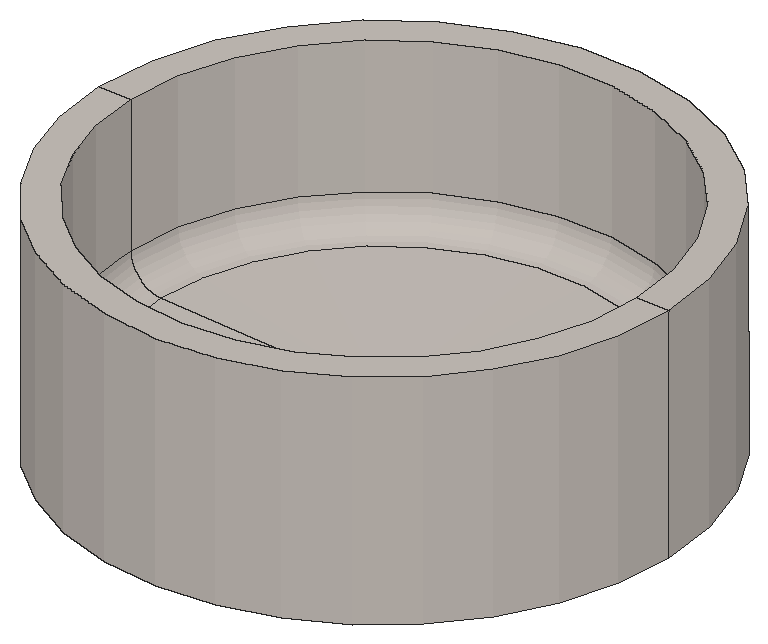
Revit family "ALMA-TEZPNK01-Nevali_Terrazzo_Basin", category Generic Models, host Face, Revit 2026
Family settings
  Host = Face
  Can host rebar = No
  Round Connector Dimension = Use Diameter
  Part Type = Normal
  Cut with Voids When Loaded = No
  Maintain Annotation Orientation = No
  Shared = No
  Room Calculation Point = No
Parameters
  Width = 360 mm
  Height = 140 mm
  Default Elevation = 1219.2 mm
  Basin_Material = BM_NEVALI TERRAZZO
Reference planes
  plane 1 "Center (Front/Back)": y = 0
  plane 2: z = 0
  plane 3 "Center (Left/Right)": x = 0
  plane 4: x = 180
  plane 5: x = -180
  plane 6: x = 160
  plane 7: x = -160
  plane 8: y = 180
  plane 9: y = -180
  plane 10: y = 160
  plane 11: y = -160
  plane 12: x = -35
  plane 13: x = 35
  plane 14: x = 22.5
  plane 15: x = -22.5
  plane 16: z = 140
  plane 17: y = 35
  plane 18: y = 22.5
  plane 19: y = -22.5
  plane 20: y = -35
Forms (mm)
  Revolve 1, solid, material "BM_NEVALI TERRAZZO" <- "Basin_Material"
    sketch origin (0, 0, 0) x (1, 0, 0) y (0, 0, 1)
      loop
        line (-180, 0) -> (-22.5, 0) -> (-22.5, 10)
        arc (-22.5, 10) -> (-30.018, 14.935) -> (-33.805, 23.092) r 16.408
        line (-33.805, 23.092) -> (-35, 30.635) -> (-140.698, 34.326)
        arc (-140.698, 34.326) -> (-154.387, 40.421) -> (-160, 54.314) r 20
        line (-160, 54.314) -> (-160, 140) -> (-180, 140) -> (-180, 0)
      axis (0, 0) -> (0, 140)
    angle from 0 to 360
Text (mm)
  text "Refer to www.buildmat.com.au for the most current product literature. \nAllow a +/- 5mm tolerance for dimensions shown in the product literature. \nPlease note product details are subject to change due to ongoing product development." at (9, -1305.742, 0), in view "Ref. Level"
Dimensions and locks
  "Width": plane 5 to plane 4
  equal spacing: plane 5, plane 3 "Center (Left/Right)", plane 4
  "Width": plane 9 to plane 8
  equal spacing: plane 9, plane 1 "Center (Front/Back)", plane 8
  plane 6 to plane 4 = 20 mm
  plane 20 to plane 17 = 70 mm
  plane 19 to plane 18 = 45 mm
  "Height": plane 16 to host face
  aligned and locked: plane 2 to host face
  aligned and locked: level to host face
Automatic sketch dimensions
  host sketch curve to host sketch curve = 2438.4 mm  (x2)
  plane 5 to Revolve 1 sketch curve = 0 mm
  plane 7 to Revolve 1 sketch curve = 0 mm
  Revolve 1 sketch curve to plane 12 = 0 mm
  Revolve 1 sketch curve to level = 0 mm  (x2)
  Revolve 1 sketch curve to plane 15 = 0 mm
  Revolve 1 sketch curve to plane 3 "Center (Left/Right)" = 0 mm
  Revolve 1 sketch curve to plane 16 = 0 mm  (x2)
  Revolve 1 sketch curve to plane 7 = 19.302 mm
  Revolve 1 sketch curve to Revolve 1 sketch curve = 0.698 mm
  plane 12 to Revolve 1 sketch curve = 1.195 mm
  plane 15 to Revolve 1 sketch curve = 4.9 mm
  Revolve 1 sketch curve to Revolve 1 sketch curve = 10 mm
  Revolve 1 sketch curve to Revolve 1 sketch curve = 13.092 mm
  Revolve 1 sketch curve to Revolve 1 sketch curve = 7.543 mm
  level to Revolve 1 sketch curve = 34.326 mm
